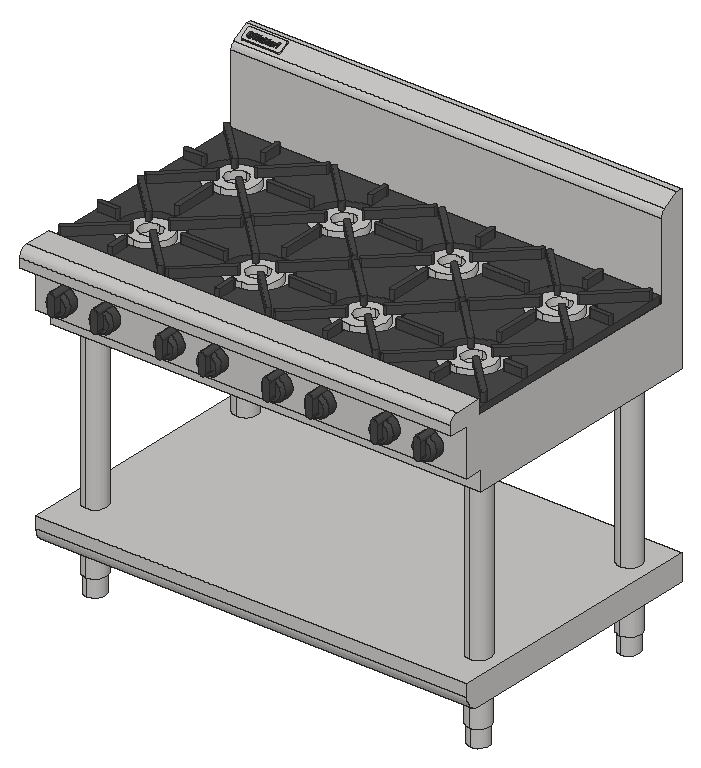
Revit family "QF_MOFFAT WALDORF_RN8800G-LS", category Specialty Equipment, Revit 2012
Parameters
  Weight in Pounds = 348.33
  URL Cutsheet = "www.moffat.com"
  URL = "www.moffat.com"
  Type Mark [instance] = ""
  Status [instance] = ""
  Specification by User [instance] = ""
  Specification by Manufacturer = ""
  Show Logo [instance] = yes
  Show Casters [instance] = no
  Serial Number = ""
  Seismic Rating = ""
  SMACNA No = ""
  Revision Code [instance] = ""
  Omniclass Number and Title = ""
  NAFEM Spec ID Number = ""
  Model = "RN8800G-LS"
  Mechanical Remarks [instance] = ""
  Mechanical Connection Type [instance] = ""
  Masterspec = ""
  Manufacturer = "MOFFAT WALDORF"
  Legs [instance] = not(Show Casters)  # yes
  Item Number [instance] = ""
  Installed By [instance] = ""
  Identify Quantity as Lot [instance] = yes
  Gas Size = 3/4"
  Gas RI Height [instance] = 0.0 mm
  Gas KW [instance] = 62.2
  Gas Input [instance] = 212311.0 Btu/h
  Gas Connection Height = 0.0 mm
  Furnished By [instance] = ""
  Foodservice Equipment Identifier [instance] = yes
  Description = "COOK TOP GAS ON LEG STAND"
  CSI MasterFormat = ""
  CSI Master Format = ""
  Body Height [instance] = 915.0 mm
  Base Height [instance] = 150.0 mm
Reference planes
  plane 1 "BACK": y = 0
  plane 2: z = 0
  plane 3 "LEFT": x = 0
  plane 4 "RIGHT": x = 1200
  plane 5 "FRONT": y = -805
  plane 6 "TOP": z = 1130
  plane 7 "Center Y": x = 600
  plane 8 "Center X": y = -402.5
  plane 9 "Base Height": z = 150
  plane 10: x = 1134
  plane 11: x = 65
  plane 12: z = 915
  plane 13: x = 65.8
Forms (mm)
  Extrusion 1, solid, material "QF_Finishes_Stainless Steel"
    sketch origin (0, 0, 600) x (0, 1, 0) y (0, 0, 1)
      loop
        line (-805, 291) -> (-805, 266) -> (-749, 266) -> (-749, 135) -> (-699, 135) -> (-699, 80) -> (0, 80) -> (0, 530) -> (-16.5, 530) -> (-58.709, 505.631)
        arc (-58.709, 505.631) -> (-66.975, 497.365) -> (-70, 486.074) r 22.582
        line (-70, 486.074) -> (-70, 275) -> (-705, 275) -> (-705, 315) -> (-781, 315)
        arc (-781, 315) -> (-797.971, 307.971) -> (-805, 291) r 24
      loop
        line (0, -377.5) -> (-749, -377.5) -> (-749, -412)
        arc (-749, -412) -> (-737.87, -438.87) -> (-711, -450) r 38
        line (-711, -450) -> (0, -450) -> (0, -377.5)
    from 0 to 1200
  Revolve 2, solid, material "QF_Finishes_Black"
    sketch origin (210, 0, 600) x (0, -1, 0) y (0, 0, 1)
      loop
        line (782, 229.605) -> (759, 229.605) -> (759, 202.105) -> (749, 202.105) -> (749, 197.105) -> (793, 197.105) -> (793, 223.757) -> (782, 229.605)
      axis (793, 197.105) -> (749, 197.105)
    angle from 0 to 360
  Extrusion 3, solid, material "QF_Finishes_Black"
    sketch origin (-78.431, 0, 496.003) x (1, 0, 0) y (0, 0, 1)
      loop
        line (298.431, 289) -> (298.431, 327.997)
        arc (298.431, 327.997) -> (288.431, 337.997) -> (278.431, 327.997) r 10
        line (278.431, 327.997) -> (278.431, 289)
        arc (278.431, 289) -> (288.431, 279) -> (298.431, 289) r 10
    from 759 to 808
  Extrusion 4, solid, material "QF_Finishes_Stainless Steel"
    sketch origin (705, 3, 100) x (1, 0, 0) y (0, 1, 0)
      loop
        circle (365, -35) r 13.5
    from 555 to 580
  Revolve 5, solid, material "QF_Finishes_Black"
    sketch origin (89.999, 0, 599.873) x (0, 1, 0) y (0, 0, -1)
      loop
        line (-782, -229.5) -> (-759, -229.5) -> (-759, -202) -> (-749, -202) -> (-749, -197) -> (-793, -197) -> (-793, -223.651) -> (-782, -229.5)
      axis (-793, -197) -> (-749, -197)
    angle from 0 to 360
  Extrusion 6, solid, material "QF_Finishes_Black"
    sketch origin (228.269, 0, 600.031) x (-1, 0, 0) y (0, 0, -1)
      loop
        arc (148.269, -184.969) -> (138.269, -174.969) -> (128.269, -184.969) r 10
        line (128.269, -184.969) -> (128.269, -223.969)
        arc (128.269, -223.969) -> (138.269, -233.969) -> (148.269, -223.969) r 10
        line (148.269, -223.969) -> (148.269, -184.969)
    from 759 to 808
  Extrusion 7, solid, material "QF_Finishes_Black"
    sketch origin (0, -70, 875) x (0, -1, 0) y (1, 0, 0)
      loop
        arc (1, 4) -> (1.879, 1.879) -> (4, 1) r 3
        line (4, 1) -> (631, 1)
        arc (631, 1) -> (633.121, 1.879) -> (634, 4) r 3
        line (634, 4) -> (634, 1196)
        arc (634, 1196) -> (633.121, 1198.121) -> (631, 1199) r 3
        line (631, 1199) -> (4, 1199)
        arc (4, 1199) -> (1.879, 1198.121) -> (1, 1196) r 3
        line (1, 1196) -> (1, 4)
      loop
        circle (167.5, 150) r 84.082
      loop
        circle (467.5, 150) r 84.082
      loop
        circle (467.5, 1050) r 84.082
      loop
        circle (167.5, 1050) r 84.082
      loop
        circle (167.5, 450) r 84.082
      loop
        circle (467.5, 450) r 84.082
      loop
        circle (167.5, 750) r 84.082
      loop
        circle (467.5, 750) r 84.082
    from 0 to 19.5
  Extrusion 8, solid, material "QF_Finishes_Black"
    sketch origin (0, -70, 894.5) x (0, -1, 0) y (1, 0, 0)
      loop
        spline (323.602, 15.153) -> (322.681, 13.924) -> (322.131, 12.47) -> (321.99, 10.89) -> (322.267, 9.292) -> (322.943, 7.786) -> (323.973, 6.473) -> (325.286, 5.443) -> (326.792, 4.767) -> (328.39, 4.49) -> (329.97, 4.631) -> (331.424, 5.181) -> (332.653, 6.102)
        line (332.653, 6.102) -> (440.576, 114.025)
        spline (440.576, 114.025) -> (441.337, 115.095) -> (441.738, 116.399) -> (441.751, 117.851) -> (441.375, 119.35) -> (440.637, 120.795) -> (439.586, 122.086) -> (438.295, 123.137) -> (436.85, 123.875) -> (435.351, 124.251) -> (433.899, 124.238) -> (432.595, 123.837) -> (431.525, 123.076)
        line (431.525, 123.076) -> (323.602, 15.153)
      loop
        spline (259.398, 156.4) -> (258.104, 156.182) -> (256.898, 155.543) -> (255.862, 154.525) -> (255.068, 153.2) -> (254.568, 151.656) -> (254.398, 150) -> (254.568, 148.344) -> (255.068, 146.8) -> (255.862, 145.475) -> (256.898, 144.457) -> (258.104, 143.818) -> (259.398, 143.6)
        line (259.398, 143.6) -> (375.602, 143.6)
        spline (375.602, 143.6) -> (376.896, 143.818) -> (378.102, 144.457) -> (379.138, 145.475) -> (379.932, 146.8) -> (380.432, 148.344) -> (380.602, 150) -> (380.432, 151.656) -> (379.932, 153.2) -> (379.138, 154.525) -> (378.102, 155.543) -> (376.896, 156.182) -> (375.602, 156.4)
        line (375.602, 156.4) -> (259.398, 156.4)
      loop
        spline (608.602, 143.6) -> (609.896, 143.818) -> (611.102, 144.457) -> (612.138, 145.475) -> (612.932, 146.8) -> (613.432, 148.344) -> (613.602, 150) -> (613.432, 151.656) -> (612.932, 153.2) -> (612.138, 154.525) -> (611.102, 155.543) -> (609.896, 156.182) -> (608.602, 156.4)
        line (608.602, 156.4) -> (559.398, 156.4)
        spline (559.398, 156.4) -> (558.104, 156.182) -> (556.898, 155.543) -> (555.862, 154.525) -> (555.068, 153.2) -> (554.568, 151.656) -> (554.398, 150) -> (554.568, 148.344) -> (555.068, 146.8) -> (555.862, 145.475) -> (556.898, 144.457) -> (558.104, 143.818) -> (559.398, 143.6)
        line (559.398, 143.6) -> (608.602, 143.6)
      loop
        line (611.398, 15.153) -> (503.475, 123.076)
        spline (503.475, 123.076) -> (502.405, 123.837) -> (501.101, 124.238) -> (499.649, 124.251) -> (498.15, 123.875) -> (496.705, 123.137) -> (495.414, 122.086) -> (494.363, 120.795) -> (493.625, 119.35) -> (493.249, 117.851) -> (493.262, 116.399) -> (493.663, 115.095) -> (494.424, 114.025)
        line (494.424, 114.025) -> (602.347, 6.102)
        spline (602.347, 6.102) -> (603.416, 5.341) -> (604.721, 4.941) -> (606.172, 4.928) -> (607.671, 5.303) -> (609.116, 6.041) -> (610.408, 7.092) -> (611.459, 8.384) -> (612.197, 9.829) -> (612.572, 11.328) -> (612.559, 12.779) -> (612.159, 14.084) -> (611.398, 15.153)
      loop
        line (473.9, 8.898) -> (473.9, 58.102)
        spline (473.9, 58.102) -> (473.682, 59.396) -> (473.043, 60.602) -> (472.025, 61.638) -> (470.7, 62.432) -> (469.156, 62.932) -> (467.5, 63.102) -> (465.844, 62.932) -> (464.3, 62.432) -> (462.975, 61.638) -> (461.957, 60.602) -> (461.318, 59.396) -> (461.1, 58.102)
        line (461.1, 58.102) -> (461.1, 8.898)
        spline (461.1, 8.898) -> (461.318, 7.604) -> (461.957, 6.398) -> (462.975, 5.362) -> (464.3, 4.568) -> (465.844, 4.068) -> (467.5, 3.898) -> (469.156, 4.068) -> (470.7, 4.568) -> (472.025, 5.362) -> (473.043, 6.398) -> (473.682, 7.604) -> (473.9, 8.898)
      loop
        spline (23.602, 15.153) -> (22.681, 13.924) -> (22.131, 12.47) -> (21.99, 10.89) -> (22.267, 9.292) -> (22.943, 7.786) -> (23.973, 6.473) -> (25.286, 5.443) -> (26.792, 4.767) -> (28.39, 4.49) -> (29.97, 4.631) -> (31.424, 5.181) -> (32.653, 6.102)
        line (32.653, 6.102) -> (140.576, 114.025)
        spline (140.576, 114.025) -> (141.337, 115.095) -> (141.738, 116.399) -> (141.751, 117.851) -> (141.375, 119.35) -> (140.637, 120.795) -> (139.586, 122.086) -> (138.295, 123.137) -> (136.85, 123.875) -> (135.351, 124.251) -> (133.899, 124.238) -> (132.595, 123.837) -> (131.525, 123.076)
        line (131.525, 123.076) -> (23.602, 15.153)
      loop
        spline (26.398, 156.4) -> (25.104, 156.182) -> (23.898, 155.543) -> (22.862, 154.525) -> (22.068, 153.2) -> (21.568, 151.656) -> (21.398, 150) -> (21.568, 148.344) -> (22.068, 146.8) -> (22.862, 145.475) -> (23.898, 144.457) -> (25.104, 143.818) -> (26.398, 143.6)
        line (26.398, 143.6) -> (75.602, 143.6)
        spline (75.602, 143.6) -> (76.896, 143.818) -> (78.102, 144.457) -> (79.138, 145.475) -> (79.932, 146.8) -> (80.432, 148.344) -> (80.602, 150) -> (80.432, 151.656) -> (79.932, 153.2) -> (79.138, 154.525) -> (78.102, 155.543) -> (76.896, 156.182) -> (75.602, 156.4)
        line (75.602, 156.4) -> (26.398, 156.4)
      loop
        line (311.398, 15.153) -> (203.475, 123.076)
        spline (203.475, 123.076) -> (202.405, 123.837) -> (201.101, 124.238) -> (199.649, 124.251) -> (198.15, 123.875) -> (196.705, 123.137) -> (195.414, 122.086) -> (194.363, 120.795) -> (193.625, 119.35) -> (193.249, 117.851) -> (193.262, 116.399) -> (193.663, 115.095) -> (194.424, 114.025)
        line (194.424, 114.025) -> (302.347, 6.102)
        spline (302.347, 6.102) -> (303.416, 5.341) -> (304.721, 4.941) -> (306.172, 4.928) -> (307.671, 5.303) -> (309.116, 6.041) -> (310.408, 7.092) -> (311.459, 8.384) -> (312.197, 9.829) -> (312.572, 11.328) -> (312.559, 12.779) -> (312.159, 14.084) -> (311.398, 15.153)
      loop
        line (173.9, 8.898) -> (173.9, 58.102)
        spline (173.9, 58.102) -> (173.682, 59.396) -> (173.043, 60.602) -> (172.025, 61.638) -> (170.7, 62.432) -> (169.156, 62.932) -> (167.5, 63.102) -> (165.844, 62.932) -> (164.3, 62.432) -> (162.975, 61.638) -> (161.957, 60.602) -> (161.318, 59.396) -> (161.1, 58.102)
        line (161.1, 58.102) -> (161.1, 8.898)
        spline (161.1, 8.898) -> (161.318, 7.604) -> (161.957, 6.398) -> (162.975, 5.362) -> (164.3, 4.568) -> (165.844, 4.068) -> (167.5, 3.898) -> (169.156, 4.068) -> (170.7, 4.568) -> (172.025, 5.362) -> (173.043, 6.398) -> (173.682, 7.604) -> (173.9, 8.898)
      loop
        line (323.602, 284.847) -> (431.525, 176.924)
        spline (431.525, 176.924) -> (432.595, 176.163) -> (433.899, 175.762) -> (435.351, 175.749) -> (436.85, 176.125) -> (438.295, 176.863) -> (439.586, 177.914) -> (440.637, 179.205) -> (441.375, 180.65) -> (441.751, 182.149) -> (441.738, 183.601) -> (441.337, 184.905) -> (440.576, 185.975)
        line (440.576, 185.975) -> (332.653, 293.898)
        spline (332.653, 293.898) -> (331.424, 294.819) -> (329.97, 295.369) -> (328.39, 295.51) -> (326.792, 295.233) -> (325.286, 294.557) -> (323.973, 293.527) -> (322.943, 292.214) -> (322.267, 290.708) -> (321.99, 289.11) -> (322.131, 287.53) -> (322.681, 286.076) -> (323.602, 284.847)
      loop
        spline (611.398, 284.847) -> (612.159, 285.916) -> (612.559, 287.221) -> (612.572, 288.672) -> (612.197, 290.171) -> (611.459, 291.616) -> (610.408, 292.908) -> (609.116, 293.959) -> (607.671, 294.697) -> (606.172, 295.072) -> (604.721, 295.059) -> (603.416, 294.659) -> (602.347, 293.898)
        line (602.347, 293.898) -> (494.424, 185.975)
        spline (494.424, 185.975) -> (493.663, 184.905) -> (493.262, 183.601) -> (493.249, 182.149) -> (493.625, 180.65) -> (494.363, 179.205) -> (495.414, 177.914) -> (496.705, 176.863) -> (498.15, 176.125) -> (499.649, 175.749) -> (501.101, 175.762) -> (502.405, 176.163) -> (503.475, 176.924)
        line (503.475, 176.924) -> (611.398, 284.847)
      loop
        spline (461.1, 241.898) -> (461.318, 240.604) -> (461.957, 239.398) -> (462.975, 238.362) -> (464.3, 237.568) -> (465.844, 237.068) -> (467.5, 236.898) -> (469.156, 237.068) -> (470.7, 237.568) -> (472.025, 238.362) -> (473.043, 239.398) -> (473.682, 240.604) -> (473.9, 241.898)
        line (473.9, 241.898) -> (473.9, 358.102)
        spline (473.9, 358.102) -> (473.682, 359.396) -> (473.043, 360.602) -> (472.025, 361.638) -> (470.7, 362.432) -> (469.156, 362.932) -> (467.5, 363.102) -> (465.844, 362.932) -> (464.3, 362.432) -> (462.975, 361.638) -> (461.957, 360.602) -> (461.318, 359.396) -> (461.1, 358.102)
        line (461.1, 358.102) -> (461.1, 241.898)
      loop
        line (23.602, 284.847) -> (131.525, 176.924)
        spline (131.525, 176.924) -> (132.595, 176.163) -> (133.899, 175.762) -> (135.351, 175.749) -> (136.85, 176.125) -> (138.295, 176.863) -> (139.586, 177.914) -> (140.637, 179.205) -> (141.375, 180.65) -> (141.751, 182.149) -> (141.738, 183.601) -> (141.337, 184.905) -> (140.576, 185.975)
        line (140.576, 185.975) -> (32.653, 293.898)
        spline (32.653, 293.898) -> (31.424, 294.819) -> (29.97, 295.369) -> (28.39, 295.51) -> (26.792, 295.233) -> (25.286, 294.557) -> (23.973, 293.527) -> (22.943, 292.214) -> (22.267, 290.708) -> (21.99, 289.11) -> (22.131, 287.53) -> (22.681, 286.076) -> (23.602, 284.847)
      loop
        spline (311.398, 284.847) -> (312.159, 285.916) -> (312.559, 287.221) -> (312.572, 288.672) -> (312.197, 290.171) -> (311.459, 291.616) -> (310.408, 292.908) -> (309.116, 293.959) -> (307.671, 294.697) -> (306.172, 295.072) -> (304.721, 295.059) -> (303.416, 294.659) -> (302.347, 293.898)
        line (302.347, 293.898) -> (194.424, 185.975)
        spline (194.424, 185.975) -> (193.663, 184.905) -> (193.262, 183.601) -> (193.249, 182.149) -> (193.625, 180.65) -> (194.363, 179.205) -> (195.414, 177.914) -> (196.705, 176.863) -> (198.15, 176.125) -> (199.649, 175.749) -> (201.101, 175.762) -> (202.405, 176.163) -> (203.475, 176.924)
        line (203.475, 176.924) -> (311.398, 284.847)
      loop
        spline (173.9, 358.102) -> (173.682, 359.396) -> (173.043, 360.602) -> (172.025, 361.638) -> (170.7, 362.432) -> (169.156, 362.932) -> (167.5, 363.102) -> (165.844, 362.932) -> (164.3, 362.432) -> (162.975, 361.638) -> (161.957, 360.602) -> (161.318, 359.396) -> (161.1, 358.102)
        line (161.1, 358.102) -> (161.1, 241.898)
        spline (161.1, 241.898) -> (161.318, 240.604) -> (161.957, 239.398) -> (162.975, 238.362) -> (164.3, 237.568) -> (165.844, 237.068) -> (167.5, 236.898) -> (169.156, 237.068) -> (170.7, 237.568) -> (172.025, 238.362) -> (173.043, 239.398) -> (173.682, 240.604) -> (173.9, 241.898)
        line (173.9, 241.898) -> (173.9, 358.102)
      loop
        spline (323.602, 315.153) -> (322.681, 313.924) -> (322.131, 312.47) -> (321.99, 310.89) -> (322.267, 309.292) -> (322.943, 307.786) -> (323.973, 306.473) -> (325.286, 305.443) -> (326.792, 304.767) -> (328.39, 304.49) -> (329.97, 304.631) -> (331.424, 305.181) -> (332.653, 306.102)
        line (332.653, 306.102) -> (440.576, 414.025)
        spline (440.576, 414.025) -> (441.337, 415.095) -> (441.738, 416.399) -> (441.751, 417.851) -> (441.375, 419.35) -> (440.637, 420.795) -> (439.586, 422.086) -> (438.295, 423.137) -> (436.85, 423.875) -> (435.351, 424.251) -> (433.899, 424.238) -> (432.595, 423.837) -> (431.525, 423.076)
        line (431.525, 423.076) -> (323.602, 315.153)
      loop
        spline (259.398, 456.4) -> (258.104, 456.182) -> (256.898, 455.543) -> (255.862, 454.525) -> (255.068, 453.2) -> (254.568, 451.656) -> (254.398, 450) -> (254.568, 448.344) -> (255.068, 446.8) -> (255.862, 445.475) -> (256.898, 444.457) -> (258.104, 443.818) -> (259.398, 443.6)
        line (259.398, 443.6) -> (375.602, 443.6)
        spline (375.602, 443.6) -> (376.896, 443.818) -> (378.102, 444.457) -> (379.138, 445.475) -> (379.932, 446.8) -> (380.432, 448.344) -> (380.602, 450) -> (380.432, 451.656) -> (379.932, 453.2) -> (379.138, 454.525) -> (378.102, 455.543) -> (376.896, 456.182) -> (375.602, 456.4)
        line (375.602, 456.4) -> (259.398, 456.4)
      loop
        spline (608.602, 443.6) -> (609.896, 443.818) -> (611.102, 444.457) -> (612.138, 445.475) -> (612.932, 446.8) -> (613.432, 448.344) -> (613.602, 450) -> (613.432, 451.656) -> (612.932, 453.2) -> (612.138, 454.525) -> (611.102, 455.543) -> (609.896, 456.182) -> (608.602, 456.4)
        line (608.602, 456.4) -> (559.398, 456.4)
        spline (559.398, 456.4) -> (558.104, 456.182) -> (556.898, 455.543) -> (555.862, 454.525) -> (555.068, 453.2) -> (554.568, 451.656) -> (554.398, 450) -> (554.568, 448.344) -> (555.068, 446.8) -> (555.862, 445.475) -> (556.898, 444.457) -> (558.104, 443.818) -> (559.398, 443.6)
        line (559.398, 443.6) -> (608.602, 443.6)
      loop
        line (611.398, 315.153) -> (503.475, 423.076)
        spline (503.475, 423.076) -> (502.405, 423.837) -> (501.101, 424.238) -> (499.649, 424.251) -> (498.15, 423.875) -> (496.705, 423.137) -> (495.414, 422.086) -> (494.363, 420.795) -> (493.625, 419.35) -> (493.249, 417.851) -> (493.262, 416.399) -> (493.663, 415.095) -> (494.424, 414.025)
        line (494.424, 414.025) -> (602.347, 306.102)
        spline (602.347, 306.102) -> (603.416, 305.341) -> (604.721, 304.941) -> (606.172, 304.928) -> (607.671, 305.303) -> (609.116, 306.041) -> (610.408, 307.092) -> (611.459, 308.384) -> (612.197, 309.829) -> (612.572, 311.328) -> (612.559, 312.779) -> (612.159, 314.084) -> (611.398, 315.153)
      loop
        spline (23.602, 315.153) -> (22.681, 313.924) -> (22.131, 312.47) -> (21.99, 310.89) -> (22.267, 309.292) -> (22.943, 307.786) -> (23.973, 306.473) -> (25.286, 305.443) -> (26.792, 304.767) -> (28.39, 304.49) -> (29.97, 304.631) -> (31.424, 305.181) -> (32.653, 306.102)
        line (32.653, 306.102) -> (140.576, 414.025)
        spline (140.576, 414.025) -> (141.337, 415.095) -> (141.738, 416.399) -> (141.751, 417.851) -> (141.375, 419.35) -> (140.637, 420.795) -> (139.586, 422.086) -> (138.295, 423.137) -> (136.85, 423.875) -> (135.351, 424.251) -> (133.899, 424.238) -> (132.595, 423.837) -> (131.525, 423.076)
        line (131.525, 423.076) -> (23.602, 315.153)
      loop
        spline (26.398, 456.4) -> (25.104, 456.182) -> (23.898, 455.543) -> (22.862, 454.525) -> (22.068, 453.2) -> (21.568, 451.656) -> (21.398, 450) -> (21.568, 448.344) -> (22.068, 446.8) -> (22.862, 445.475) -> (23.898, 444.457) -> (25.104, 443.818) -> (26.398, 443.6)
        line (26.398, 443.6) -> (75.602, 443.6)
        spline (75.602, 443.6) -> (76.896, 443.818) -> (78.102, 444.457) -> (79.138, 445.475) -> (79.932, 446.8) -> (80.432, 448.344) -> (80.602, 450) -> (80.432, 451.656) -> (79.932, 453.2) -> (79.138, 454.525) -> (78.102, 455.543) -> (76.896, 456.182) -> (75.602, 456.4)
        line (75.602, 456.4) -> (26.398, 456.4)
      loop
        line (311.398, 315.153) -> (203.475, 423.076)
        spline (203.475, 423.076) -> (202.405, 423.837) -> (201.101, 424.238) -> (199.649, 424.251) -> (198.15, 423.875) -> (196.705, 423.137) -> (195.414, 422.086) -> (194.363, 420.795) -> (193.625, 419.35) -> (193.249, 417.851) -> (193.262, 416.399) -> (193.663, 415.095) -> (194.424, 414.025)
        line (194.424, 414.025) -> (302.347, 306.102)
        spline (302.347, 306.102) -> (303.416, 305.341) -> (304.721, 304.941) -> (306.172, 304.928) -> (307.671, 305.303) -> (309.116, 306.041) -> (310.408, 307.092) -> (311.459, 308.384) -> (312.197, 309.829) -> (312.572, 311.328) -> (312.559, 312.779) -> (312.159, 314.084) -> (311.398, 315.153)
      loop
        line (323.602, 584.847) -> (431.525, 476.924)
        spline (431.525, 476.924) -> (432.595, 476.163) -> (433.899, 475.762) -> (435.351, 475.749) -> (436.85, 476.125) -> (438.295, 476.863) -> (439.586, 477.914) -> (440.637, 479.205) -> (441.375, 480.65) -> (441.751, 482.149) -> (441.738, 483.601) -> (441.337, 484.905) -> (440.576, 485.975)
        line (440.576, 485.975) -> (332.653, 593.898)
        spline (332.653, 593.898) -> (331.424, 594.819) -> (329.97, 595.369) -> (328.39, 595.51) -> (326.792, 595.233) -> (325.286, 594.557) -> (323.973, 593.527) -> (322.943, 592.214) -> (322.267, 590.708) -> (321.99, 589.11) -> (322.131, 587.53) -> (322.681, 586.076) -> (323.602, 584.847)
      loop
        spline (611.398, 584.847) -> (612.159, 585.916) -> (612.559, 587.221) -> (612.572, 588.672) -> (612.197, 590.171) -> (611.459, 591.616) -> (610.408, 592.908) -> (609.116, 593.959) -> (607.671, 594.697) -> (606.172, 595.072) -> (604.721, 595.059) -> (603.416, 594.659) -> (602.347, 593.898)
        line (602.347, 593.898) -> (494.424, 485.975)
        spline (494.424, 485.975) -> (493.663, 484.905) -> (493.262, 483.601) -> (493.249, 482.149) -> (493.625, 480.65) -> (494.363, 479.205) -> (495.414, 477.914) -> (496.705, 476.863) -> (498.15, 476.125) -> (499.649, 475.749) -> (501.101, 475.762) -> (502.405, 476.163) -> (503.475, 476.924)
        line (503.475, 476.924) -> (611.398, 584.847)
      loop
        spline (473.9, 658.102) -> (473.682, 659.396) -> (473.043, 660.602) -> (472.025, 661.638) -> (470.7, 662.432) -> (469.156, 662.932) -> (467.5, 663.102) -> (465.844, 662.932) -> (464.3, 662.432) -> (462.975, 661.638) -> (461.957, 660.602) -> (461.318, 659.396) -> (461.1, 658.102)
        line (461.1, 658.102) -> (461.1, 541.898)
        spline (461.1, 541.898) -> (461.318, 540.604) -> (461.957, 539.398) -> (462.975, 538.362) -> (464.3, 537.568) -> (465.844, 537.068) -> (467.5, 536.898) -> (469.156, 537.068) -> (470.7, 537.568) -> (472.025, 538.362) -> (473.043, 539.398) -> (473.682, 540.604) -> (473.9, 541.898)
        line (473.9, 541.898) -> (473.9, 658.102)
      loop
        line (23.602, 584.847) -> (131.525, 476.924)
        spline (131.525, 476.924) -> (132.595, 476.163) -> (133.899, 475.762) -> (135.351, 475.749) -> (136.85, 476.125) -> (138.295, 476.863) -> (139.586, 477.914) -> (140.637, 479.205) -> (141.375, 480.65) -> (141.751, 482.149) -> (141.738, 483.601) -> (141.337, 484.905) -> (140.576, 485.975)
        line (140.576, 485.975) -> (32.653, 593.898)
        spline (32.653, 593.898) -> (31.424, 594.819) -> (29.97, 595.369) -> (28.39, 595.51) -> (26.792, 595.233) -> (25.286, 594.557) -> (23.973, 593.527) -> (22.943, 592.214) -> (22.267, 590.708) -> (21.99, 589.11) -> (22.131, 587.53) -> (22.681, 586.076) -> (23.602, 584.847)
      loop
        spline (311.398, 584.847) -> (312.159, 585.916) -> (312.559, 587.221) -> (312.572, 588.672) -> (312.197, 590.171) -> (311.459, 591.616) -> (310.408, 592.908) -> (309.116, 593.959) -> (307.671, 594.697) -> (306.172, 595.072) -> (304.721, 595.059) -> (303.416, 594.659) -> (302.347, 593.898)
        line (302.347, 593.898) -> (194.424, 485.975)
        spline (194.424, 485.975) -> (193.663, 484.905) -> (193.262, 483.601) -> (193.249, 482.149) -> (193.625, 480.65) -> (194.363, 479.205) -> (195.414, 477.914) -> (196.705, 476.863) -> (198.15, 476.125) -> (199.649, 475.749) -> (201.101, 475.762) -> (202.405, 476.163) -> (203.475, 476.924)
        line (203.475, 476.924) -> (311.398, 584.847)
      loop
        spline (173.9, 658.102) -> (173.682, 659.396) -> (173.043, 660.602) -> (172.025, 661.638) -> (170.7, 662.432) -> (169.156, 662.932) -> (167.5, 663.102) -> (165.844, 662.932) -> (164.3, 662.432) -> (162.975, 661.638) -> (161.957, 660.602) -> (161.318, 659.396) -> (161.1, 658.102)
        line (161.1, 658.102) -> (161.1, 541.898)
        spline (161.1, 541.898) -> (161.318, 540.604) -> (161.957, 539.398) -> (162.975, 538.362) -> (164.3, 537.568) -> (165.844, 537.068) -> (167.5, 536.898) -> (169.156, 537.068) -> (170.7, 537.568) -> (172.025, 538.362) -> (173.043, 539.398) -> (173.682, 540.604) -> (173.9, 541.898)
        line (173.9, 541.898) -> (173.9, 658.102)
      loop
        line (323.602, 1184.847) -> (431.525, 1076.924)
        spline (431.525, 1076.924) -> (432.595, 1076.163) -> (433.899, 1075.762) -> (435.351, 1075.749) -> (436.85, 1076.125) -> (438.295, 1076.863) -> (439.586, 1077.914) -> (440.637, 1079.205) -> (441.375, 1080.65) -> (441.751, 1082.149) -> (441.738, 1083.601) -> (441.337, 1084.905) -> (440.576, 1085.975)
        line (440.576, 1085.975) -> (332.653, 1193.898)
        spline (332.653, 1193.898) -> (331.424, 1194.819) -> (329.97, 1195.369) -> (328.39, 1195.51) -> (326.792, 1195.233) -> (325.286, 1194.557) -> (323.973, 1193.527) -> (322.943, 1192.214) -> (322.267, 1190.708) -> (321.99, 1189.11) -> (322.131, 1187.53) -> (322.681, 1186.076) -> (323.602, 1184.847)
      loop
        line (259.398, 1043.6) -> (375.602, 1043.6)
        spline (375.602, 1043.6) -> (376.896, 1043.818) -> (378.102, 1044.457) -> (379.138, 1045.475) -> (379.932, 1046.8) -> (380.432, 1048.344) -> (380.602, 1050) -> (380.432, 1051.656) -> (379.932, 1053.2) -> (379.138, 1054.525) -> (378.102, 1055.543) -> (376.896, 1056.182) -> (375.602, 1056.4)
        line (375.602, 1056.4) -> (259.398, 1056.4)
        spline (259.398, 1056.4) -> (258.104, 1056.182) -> (256.898, 1055.543) -> (255.862, 1054.525) -> (255.068, 1053.2) -> (254.568, 1051.656) -> (254.398, 1050) -> (254.568, 1048.344) -> (255.068, 1046.8) -> (255.862, 1045.475) -> (256.898, 1044.457) -> (258.104, 1043.818) -> (259.398, 1043.6)
      loop
        line (608.602, 1056.4) -> (559.398, 1056.4)
        spline (559.398, 1056.4) -> (558.104, 1056.182) -> (556.898, 1055.543) -> (555.862, 1054.525) -> (555.068, 1053.2) -> (554.568, 1051.656) -> (554.398, 1050) -> (554.568, 1048.344) -> (555.068, 1046.8) -> (555.862, 1045.475) -> (556.898, 1044.457) -> (558.104, 1043.818) -> (559.398, 1043.6)
        line (559.398, 1043.6) -> (608.602, 1043.6)
        spline (608.602, 1043.6) -> (609.896, 1043.818) -> (611.102, 1044.457) -> (612.138, 1045.475) -> (612.932, 1046.8) -> (613.432, 1048.344) -> (613.602, 1050) -> (613.432, 1051.656) -> (612.932, 1053.2) -> (612.138, 1054.525) -> (611.102, 1055.543) -> (609.896, 1056.182) -> (608.602, 1056.4)
      loop
        spline (611.398, 1184.847) -> (612.159, 1185.916) -> (612.559, 1187.221) -> (612.572, 1188.672) -> (612.197, 1190.171) -> (611.459, 1191.616) -> (610.408, 1192.908) -> (609.116, 1193.959) -> (607.671, 1194.697) -> (606.172, 1195.072) -> (604.721, 1195.059) -> (603.416, 1194.659) -> (602.347, 1193.898)
        line (602.347, 1193.898) -> (494.424, 1085.975)
        spline (494.424, 1085.975) -> (493.663, 1084.905) -> (493.262, 1083.601) -> (493.249, 1082.149) -> (493.625, 1080.65) -> (494.363, 1079.205) -> (495.414, 1077.914) -> (496.705, 1076.863) -> (498.15, 1076.125) -> (499.649, 1075.749) -> (501.101, 1075.762) -> (502.405, 1076.163) -> (503.475, 1076.924)
        line (503.475, 1076.924) -> (611.398, 1184.847)
      loop
        spline (473.9, 1191.102) -> (473.682, 1192.396) -> (473.043, 1193.602) -> (472.025, 1194.638) -> (470.7, 1195.432) -> (469.156, 1195.932) -> (467.5, 1196.102) -> (465.844, 1195.932) -> (464.3, 1195.432) -> (462.975, 1194.638) -> (461.957, 1193.602) -> (461.318, 1192.396) -> (461.1, 1191.102)
        line (461.1, 1191.102) -> (461.1, 1141.898)
        spline (461.1, 1141.898) -> (461.318, 1140.604) -> (461.957, 1139.398) -> (462.975, 1138.362) -> (464.3, 1137.568) -> (465.844, 1137.068) -> (467.5, 1136.898) -> (469.156, 1137.068) -> (470.7, 1137.568) -> (472.025, 1138.362) -> (473.043, 1139.398) -> (473.682, 1140.604) -> (473.9, 1141.898)
        line (473.9, 1141.898) -> (473.9, 1191.102)
      loop
        line (23.602, 1184.847) -> (131.525, 1076.924)
        spline (131.525, 1076.924) -> (132.595, 1076.163) -> (133.899, 1075.762) -> (135.351, 1075.749) -> (136.85, 1076.125) -> (138.295, 1076.863) -> (139.586, 1077.914) -> (140.637, 1079.205) -> (141.375, 1080.65) -> (141.751, 1082.149) -> (141.738, 1083.601) -> (141.337, 1084.905) -> (140.576, 1085.975)
        line (140.576, 1085.975) -> (32.653, 1193.898)
        spline (32.653, 1193.898) -> (31.424, 1194.819) -> (29.97, 1195.369) -> (28.39, 1195.51) -> (26.792, 1195.233) -> (25.286, 1194.557) -> (23.973, 1193.527) -> (22.943, 1192.214) -> (22.267, 1190.708) -> (21.99, 1189.11) -> (22.131, 1187.53) -> (22.681, 1186.076) -> (23.602, 1184.847)
      loop
        line (26.398, 1043.6) -> (75.602, 1043.6)
        spline (75.602, 1043.6) -> (76.896, 1043.818) -> (78.102, 1044.457) -> (79.138, 1045.475) -> (79.932, 1046.8) -> (80.432, 1048.344) -> (80.602, 1050) -> (80.432, 1051.656) -> (79.932, 1053.2) -> (79.138, 1054.525) -> (78.102, 1055.543) -> (76.896, 1056.182) -> (75.602, 1056.4)
        line (75.602, 1056.4) -> (26.398, 1056.4)
        spline (26.398, 1056.4) -> (25.104, 1056.182) -> (23.898, 1055.543) -> (22.862, 1054.525) -> (22.068, 1053.2) -> (21.568, 1051.656) -> (21.398, 1050) -> (21.568, 1048.344) -> (22.068, 1046.8) -> (22.862, 1045.475) -> (23.898, 1044.457) -> (25.104, 1043.818) -> (26.398, 1043.6)
      loop
        spline (311.398, 1184.847) -> (312.159, 1185.916) -> (312.559, 1187.221) -> (312.572, 1188.672) -> (312.197, 1190.171) -> (311.459, 1191.616) -> (310.408, 1192.908) -> (309.116, 1193.959) -> (307.671, 1194.697) -> (306.172, 1195.072) -> (304.721, 1195.059) -> (303.416, 1194.659) -> (302.347, 1193.898)
        line (302.347, 1193.898) -> (194.424, 1085.975)
        spline (194.424, 1085.975) -> (193.663, 1084.905) -> (193.262, 1083.601) -> (193.249, 1082.149) -> (193.625, 1080.65) -> (194.363, 1079.205) -> (195.414, 1077.914) -> (196.705, 1076.863) -> (198.15, 1076.125) -> (199.649, 1075.749) -> (201.101, 1075.762) -> (202.405, 1076.163) -> (203.475, 1076.924)
        line (203.475, 1076.924) -> (311.398, 1184.847)
      loop
        spline (173.9, 1191.102) -> (173.682, 1192.396) -> (173.043, 1193.602) -> (172.025, 1194.638) -> (170.7, 1195.432) -> (169.156, 1195.932) -> (167.5, 1196.102) -> (165.844, 1195.932) -> (164.3, 1195.432) -> (162.975, 1194.638) -> (161.957, 1193.602) -> (161.318, 1192.396) -> (161.1, 1191.102)
        line (161.1, 1191.102) -> (161.1, 1141.898)
        spline (161.1, 1141.898) -> (161.318, 1140.604) -> (161.957, 1139.398) -> (162.975, 1138.362) -> (164.3, 1137.568) -> (165.844, 1137.068) -> (167.5, 1136.898) -> (169.156, 1137.068) -> (170.7, 1137.568) -> (172.025, 1138.362) -> (173.043, 1139.398) -> (173.682, 1140.604) -> (173.9, 1141.898)
        line (173.9, 1141.898) -> (173.9, 1191.102)
      loop
        spline (323.602, 915.153) -> (322.681, 913.924) -> (322.131, 912.47) -> (321.99, 910.89) -> (322.267, 909.292) -> (322.943, 907.786) -> (323.973, 906.473) -> (325.286, 905.443) -> (326.792, 904.767) -> (328.39, 904.49) -> (329.97, 904.631) -> (331.424, 905.181) -> (332.653, 906.102)
        line (332.653, 906.102) -> (440.576, 1014.025)
        spline (440.576, 1014.025) -> (441.337, 1015.095) -> (441.738, 1016.399) -> (441.751, 1017.851) -> (441.375, 1019.35) -> (440.637, 1020.795) -> (439.586, 1022.086) -> (438.295, 1023.137) -> (436.85, 1023.875) -> (435.351, 1024.251) -> (433.899, 1024.238) -> (432.595, 1023.837) -> (431.525, 1023.076)
        line (431.525, 1023.076) -> (323.602, 915.153)
      loop
        line (611.398, 915.153) -> (503.475, 1023.076)
        spline (503.475, 1023.076) -> (502.405, 1023.837) -> (501.101, 1024.238) -> (499.649, 1024.251) -> (498.15, 1023.875) -> (496.705, 1023.137) -> (495.414, 1022.086) -> (494.363, 1020.795) -> (493.625, 1019.35) -> (493.249, 1017.851) -> (493.262, 1016.399) -> (493.663, 1015.095) -> (494.424, 1014.025)
        line (494.424, 1014.025) -> (602.347, 906.102)
        spline (602.347, 906.102) -> (603.416, 905.341) -> (604.721, 904.941) -> (606.172, 904.928) -> (607.671, 905.303) -> (609.116, 906.041) -> (610.408, 907.092) -> (611.459, 908.384) -> (612.197, 909.829) -> (612.572, 911.328) -> (612.559, 912.779) -> (612.159, 914.084) -> (611.398, 915.153)
      loop
        line (461.1, 958.102) -> (461.1, 841.898)
        spline (461.1, 841.898) -> (461.318, 840.604) -> (461.957, 839.398) -> (462.975, 838.362) -> (464.3, 837.568) -> (465.844, 837.068) -> (467.5, 836.898) -> (469.156, 837.068) -> (470.7, 837.568) -> (472.025, 838.362) -> (473.043, 839.398) -> (473.682, 840.604) -> (473.9, 841.898)
        line (473.9, 841.898) -> (473.9, 958.102)
        spline (473.9, 958.102) -> (473.682, 959.396) -> (473.043, 960.602) -> (472.025, 961.638) -> (470.7, 962.432) -> (469.156, 962.932) -> (467.5, 963.102) -> (465.844, 962.932) -> (464.3, 962.432) -> (462.975, 961.638) -> (461.957, 960.602) -> (461.318, 959.396) -> (461.1, 958.102)
      loop
        spline (23.602, 915.153) -> (22.681, 913.924) -> (22.131, 912.47) -> (21.99, 910.89) -> (22.267, 909.292) -> (22.943, 907.786) -> (23.973, 906.473) -> (25.286, 905.443) -> (26.792, 904.767) -> (28.39, 904.49) -> (29.97, 904.631) -> (31.424, 905.181) -> (32.653, 906.102)
        line (32.653, 906.102) -> (140.576, 1014.025)
        spline (140.576, 1014.025) -> (141.337, 1015.095) -> (141.738, 1016.399) -> (141.751, 1017.851) -> (141.375, 1019.35) -> (140.637, 1020.795) -> (139.586, 1022.086) -> (138.295, 1023.137) -> (136.85, 1023.875) -> (135.351, 1024.251) -> (133.899, 1024.238) -> (132.595, 1023.837) -> (131.525, 1023.076)
        line (131.525, 1023.076) -> (23.602, 915.153)
      loop
        line (311.398, 915.153) -> (203.475, 1023.076)
        spline (203.475, 1023.076) -> (202.405, 1023.837) -> (201.101, 1024.238) -> (199.649, 1024.251) -> (198.15, 1023.875) -> (196.705, 1023.137) -> (195.414, 1022.086) -> (194.363, 1020.795) -> (193.625, 1019.35) -> (193.249, 1017.851) -> (193.262, 1016.399) -> (193.663, 1015.095) -> (194.424, 1014.025)
        line (194.424, 1014.025) -> (302.347, 906.102)
        spline (302.347, 906.102) -> (303.416, 905.341) -> (304.721, 904.941) -> (306.172, 904.928) -> (307.671, 905.303) -> (309.116, 906.041) -> (310.408, 907.092) -> (311.459, 908.384) -> (312.197, 909.829) -> (312.572, 911.328) -> (312.559, 912.779) -> (312.159, 914.084) -> (311.398, 915.153)
      loop
        line (173.9, 841.898) -> (173.9, 958.102)
        spline (173.9, 958.102) -> (173.682, 959.396) -> (173.043, 960.602) -> (172.025, 961.638) -> (170.7, 962.432) -> (169.156, 962.932) -> (167.5, 963.102) -> (165.844, 962.932) -> (164.3, 962.432) -> (162.975, 961.638) -> (161.957, 960.602) -> (161.318, 959.396) -> (161.1, 958.102)
        line (161.1, 958.102) -> (161.1, 841.898)
        spline (161.1, 841.898) -> (161.318, 840.604) -> (161.957, 839.398) -> (162.975, 838.362) -> (164.3, 837.568) -> (165.844, 837.068) -> (167.5, 836.898) -> (169.156, 837.068) -> (170.7, 837.568) -> (172.025, 838.362) -> (173.043, 839.398) -> (173.682, 840.604) -> (173.9, 841.898)
      loop
        line (323.602, 884.847) -> (431.525, 776.924)
        spline (431.525, 776.924) -> (432.595, 776.163) -> (433.899, 775.762) -> (435.351, 775.749) -> (436.85, 776.125) -> (438.295, 776.863) -> (439.586, 777.914) -> (440.637, 779.205) -> (441.375, 780.65) -> (441.751, 782.149) -> (441.738, 783.601) -> (441.337, 784.905) -> (440.576, 785.975)
        line (440.576, 785.975) -> (332.653, 893.898)
        spline (332.653, 893.898) -> (331.424, 894.819) -> (329.97, 895.369) -> (328.39, 895.51) -> (326.792, 895.233) -> (325.286, 894.557) -> (323.973, 893.527) -> (322.943, 892.214) -> (322.267, 890.708) -> (321.99, 889.11) -> (322.131, 887.53) -> (322.681, 886.076) -> (323.602, 884.847)
      loop
        line (259.398, 743.6) -> (375.602, 743.6)
        spline (375.602, 743.6) -> (376.896, 743.818) -> (378.102, 744.457) -> (379.138, 745.475) -> (379.932, 746.8) -> (380.432, 748.344) -> (380.602, 750) -> (380.432, 751.656) -> (379.932, 753.2) -> (379.138, 754.525) -> (378.102, 755.543) -> (376.896, 756.182) -> (375.602, 756.4)
        line (375.602, 756.4) -> (259.398, 756.4)
        spline (259.398, 756.4) -> (258.104, 756.182) -> (256.898, 755.543) -> (255.862, 754.525) -> (255.068, 753.2) -> (254.568, 751.656) -> (254.398, 750) -> (254.568, 748.344) -> (255.068, 746.8) -> (255.862, 745.475) -> (256.898, 744.457) -> (258.104, 743.818) -> (259.398, 743.6)
      loop
        line (608.602, 756.4) -> (559.398, 756.4)
        spline (559.398, 756.4) -> (558.104, 756.182) -> (556.898, 755.543) -> (555.862, 754.525) -> (555.068, 753.2) -> (554.568, 751.656) -> (554.398, 750) -> (554.568, 748.344) -> (555.068, 746.8) -> (555.862, 745.475) -> (556.898, 744.457) -> (558.104, 743.818) -> (559.398, 743.6)
        line (559.398, 743.6) -> (608.602, 743.6)
        spline (608.602, 743.6) -> (609.896, 743.818) -> (611.102, 744.457) -> (612.138, 745.475) -> (612.932, 746.8) -> (613.432, 748.344) -> (613.602, 750) -> (613.432, 751.656) -> (612.932, 753.2) -> (612.138, 754.525) -> (611.102, 755.543) -> (609.896, 756.182) -> (608.602, 756.4)
      loop
        spline (611.398, 884.847) -> (612.159, 885.916) -> (612.559, 887.221) -> (612.572, 888.672) -> (612.197, 890.171) -> (611.459, 891.616) -> (610.408, 892.908) -> (609.116, 893.959) -> (607.671, 894.697) -> (606.172, 895.072) -> (604.721, 895.059) -> (603.416, 894.659) -> (602.347, 893.898)
        line (602.347, 893.898) -> (494.424, 785.975)
        spline (494.424, 785.975) -> (493.663, 784.905) -> (493.262, 783.601) -> (493.249, 782.149) -> (493.625, 780.65) -> (494.363, 779.205) -> (495.414, 777.914) -> (496.705, 776.863) -> (498.15, 776.125) -> (499.649, 775.749) -> (501.101, 775.762) -> (502.405, 776.163) -> (503.475, 776.924)
        line (503.475, 776.924) -> (611.398, 884.847)
      loop
        line (23.602, 884.847) -> (131.525, 776.924)
        spline (131.525, 776.924) -> (132.595, 776.163) -> (133.899, 775.762) -> (135.351, 775.749) -> (136.85, 776.125) -> (138.295, 776.863) -> (139.586, 777.914) -> (140.637, 779.205) -> (141.375, 780.65) -> (141.751, 782.149) -> (141.738, 783.601) -> (141.337, 784.905) -> (140.576, 785.975)
        line (140.576, 785.975) -> (32.653, 893.898)
        spline (32.653, 893.898) -> (31.424, 894.819) -> (29.97, 895.369) -> (28.39, 895.51) -> (26.792, 895.233) -> (25.286, 894.557) -> (23.973, 893.527) -> (22.943, 892.214) -> (22.267, 890.708) -> (21.99, 889.11) -> (22.131, 887.53) -> (22.681, 886.076) -> (23.602, 884.847)
      loop
        line (26.398, 743.6) -> (75.602, 743.6)
        spline (75.602, 743.6) -> (76.896, 743.818) -> (78.102, 744.457) -> (79.138, 745.475) -> (79.932, 746.8) -> (80.432, 748.344) -> (80.602, 750) -> (80.432, 751.656) -> (79.932, 753.2) -> (79.138, 754.525) -> (78.102, 755.543) -> (76.896, 756.182) -> (75.602, 756.4)
        line (75.602, 756.4) -> (26.398, 756.4)
        spline (26.398, 756.4) -> (25.104, 756.182) -> (23.898, 755.543) -> (22.862, 754.525) -> (22.068, 753.2) -> (21.568, 751.656) -> (21.398, 750) -> (21.568, 748.344) -> (22.068, 746.8) -> (22.862, 745.475) -> (23.898, 744.457) -> (25.104, 743.818) -> (26.398, 743.6)
      loop
        spline (311.398, 884.847) -> (312.159, 885.916) -> (312.559, 887.221) -> (312.572, 888.672) -> (312.197, 890.171) -> (311.459, 891.616) -> (310.408, 892.908) -> (309.116, 893.959) -> (307.671, 894.697) -> (306.172, 895.072) -> (304.721, 895.059) -> (303.416, 894.659) -> (302.347, 893.898)
        line (302.347, 893.898) -> (194.424, 785.975)
        spline (194.424, 785.975) -> (193.663, 784.905) -> (193.262, 783.601) -> (193.249, 782.149) -> (193.625, 780.65) -> (194.363, 779.205) -> (195.414, 777.914) -> (196.705, 776.863) -> (198.15, 776.125) -> (199.649, 775.749) -> (201.101, 775.762) -> (202.405, 776.163) -> (203.475, 776.924)
        line (203.475, 776.924) -> (311.398, 884.847)
      loop
        spline (323.602, 615.153) -> (322.681, 613.924) -> (322.131, 612.47) -> (321.99, 610.89) -> (322.267, 609.292) -> (322.943, 607.786) -> (323.973, 606.473) -> (325.286, 605.443) -> (326.792, 604.767) -> (328.39, 604.49) -> (329.97, 604.631) -> (331.424, 605.181) -> (332.653, 606.102)
        line (332.653, 606.102) -> (440.576, 714.025)
        spline (440.576, 714.025) -> (441.337, 715.095) -> (441.738, 716.399) -> (441.751, 717.851) -> (441.375, 719.35) -> (440.637, 720.795) -> (439.586, 722.086) -> (438.295, 723.137) -> (436.85, 723.875) -> (435.351, 724.251) -> (433.899, 724.238) -> (432.595, 723.837) -> (431.525, 723.076)
        line (431.525, 723.076) -> (323.602, 615.153)
      loop
        line (611.398, 615.153) -> (503.475, 723.076)
        spline (503.475, 723.076) -> (502.405, 723.837) -> (501.101, 724.238) -> (499.649, 724.251) -> (498.15, 723.875) -> (496.705, 723.137) -> (495.414, 722.086) -> (494.363, 720.795) -> (493.625, 719.35) -> (493.249, 717.851) -> (493.262, 716.399) -> (493.663, 715.095) -> (494.424, 714.025)
        line (494.424, 714.025) -> (602.347, 606.102)
        spline (602.347, 606.102) -> (603.416, 605.341) -> (604.721, 604.941) -> (606.172, 604.928) -> (607.671, 605.303) -> (609.116, 606.041) -> (610.408, 607.092) -> (611.459, 608.384) -> (612.197, 609.829) -> (612.572, 611.328) -> (612.559, 612.779) -> (612.159, 614.084) -> (611.398, 615.153)
      loop
        spline (23.602, 615.153) -> (22.681, 613.924) -> (22.131, 612.47) -> (21.99, 610.89) -> (22.267, 609.292) -> (22.943, 607.786) -> (23.973, 606.473) -> (25.286, 605.443) -> (26.792, 604.767) -> (28.39, 604.49) -> (29.97, 604.631) -> (31.424, 605.181) -> (32.653, 606.102)
        line (32.653, 606.102) -> (140.576, 714.025)
        spline (140.576, 714.025) -> (141.337, 715.095) -> (141.738, 716.399) -> (141.751, 717.851) -> (141.375, 719.35) -> (140.637, 720.795) -> (139.586, 722.086) -> (138.295, 723.137) -> (136.85, 723.875) -> (135.351, 724.251) -> (133.899, 724.238) -> (132.595, 723.837) -> (131.525, 723.076)
        line (131.525, 723.076) -> (23.602, 615.153)
      loop
        line (311.398, 615.153) -> (203.475, 723.076)
        spline (203.475, 723.076) -> (202.405, 723.837) -> (201.101, 724.238) -> (199.649, 724.251) -> (198.15, 723.875) -> (196.705, 723.137) -> (195.414, 722.086) -> (194.363, 720.795) -> (193.625, 719.35) -> (193.249, 717.851) -> (193.262, 716.399) -> (193.663, 715.095) -> (194.424, 714.025)
        line (194.424, 714.025) -> (302.347, 606.102)
        spline (302.347, 606.102) -> (303.416, 605.341) -> (304.721, 604.941) -> (306.172, 604.928) -> (307.671, 605.303) -> (309.116, 606.041) -> (310.408, 607.092) -> (311.459, 608.384) -> (312.197, 609.829) -> (312.572, 611.328) -> (312.559, 612.779) -> (312.159, 614.084) -> (311.398, 615.153)
    from 0 to 23.5
  Revolve 9, solid, material "QF_Finishes_Black"
    sketch origin (510, 0, 600) x (0, -1, 0) y (0, 0, 1)
      loop
        line (782, 229.605) -> (759, 229.605) -> (759, 202.105) -> (749, 202.105) -> (749, 197.105) -> (793, 197.105) -> (793, 223.757) -> (782, 229.605)
      axis (793, 197.105) -> (749, 197.105)
    angle from 0 to 360
  Extrusion 10, solid, material "QF_Finishes_Black"
    sketch origin (221.569, 0, 496.003) x (1, 0, 0) y (0, 0, 1)
      loop
        line (298.431, 289) -> (298.431, 327.997)
        arc (298.431, 327.997) -> (288.431, 337.997) -> (278.431, 327.997) r 10
        line (278.431, 327.997) -> (278.431, 289)
        arc (278.431, 289) -> (288.431, 279) -> (298.431, 289) r 10
    from 759 to 808
  Revolve 11, solid, material "QF_Finishes_Black"
    sketch origin (389.999, 0, 599.873) x (0, 1, 0) y (0, 0, -1)
      loop
        line (-782, -229.5) -> (-759, -229.5) -> (-759, -202) -> (-749, -202) -> (-749, -197) -> (-793, -197) -> (-793, -223.651) -> (-782, -229.5)
      axis (-793, -197) -> (-749, -197)
    angle from 0 to 360
  Extrusion 12, solid, material "QF_Finishes_Black"
    sketch origin (228.269, 0, 600.031) x (-1, 0, 0) y (0, 0, -1)
      loop
        arc (-151.731, -184.969) -> (-161.731, -174.969) -> (-171.731, -184.969) r 10
        line (-171.731, -184.969) -> (-171.731, -223.969)
        arc (-171.731, -223.969) -> (-161.731, -233.969) -> (-151.731, -223.969) r 10
        line (-151.731, -223.969) -> (-151.731, -184.969)
    from 759 to 808
  Revolve 13, solid, material "QF_Finishes_Black"
    sketch origin (810, 0, 600) x (0, -1, 0) y (0, 0, 1)
      loop
        line (782, 229.605) -> (759, 229.605) -> (759, 202.105) -> (749, 202.105) -> (749, 197.105) -> (793, 197.105) -> (793, 223.757) -> (782, 229.605)
      axis (793, 197.105) -> (749, 197.105)
    angle from 0 to 360
  Extrusion 14, solid, material "QF_Finishes_Black"
    sketch origin (370.944, 0, 496.003) x (1, 0, 0) y (0, 0, 1)
      loop
        line (448.431, 289) -> (448.431, 327.997)
        arc (448.431, 327.997) -> (438.431, 337.997) -> (428.431, 327.997) r 10
        line (428.431, 327.997) -> (428.431, 289)
        arc (428.431, 289) -> (438.431, 279) -> (448.431, 289) r 10
    from 759 to 808
  Revolve 15, solid, material "QF_Finishes_Black"
    sketch origin (689.999, 0, 599.873) x (0, 1, 0) y (0, 0, -1)
      loop
        line (-782, -229.5) -> (-759, -229.5) -> (-759, -202) -> (-749, -202) -> (-749, -197) -> (-793, -197) -> (-793, -223.651) -> (-782, -229.5)
      axis (-793, -197) -> (-749, -197)
    angle from 0 to 360
  Extrusion 16, solid, material "QF_Finishes_Black"
    sketch origin (377.644, 0, 600.031) x (-1, 0, 0) y (0, 0, -1)
      loop
        arc (-301.731, -184.969) -> (-311.731, -174.969) -> (-321.731, -184.969) r 10
        line (-321.731, -184.969) -> (-321.731, -223.969)
        arc (-321.731, -223.969) -> (-311.731, -233.969) -> (-301.731, -223.969) r 10
        line (-301.731, -223.969) -> (-301.731, -184.969)
    from 759 to 808
  Revolve 17, solid, material "QF_Finishes_Black"
    sketch origin (990, 0, 600) x (0, -1, 0) y (0, 0, -1)
      loop
        line (782, -229.605) -> (793, -223.757) -> (793, -197.105) -> (749, -197.105) -> (749, -202.105) -> (759, -202.105) -> (759, -229.605) -> (782, -229.605)
      axis (793, -197.105) -> (749, -197.105)
    angle from 0 to 360
  Extrusion 18, solid, material "QF_Finishes_Black"
    sketch origin (1278.431, 0, 496.003) x (-1, 0, 0) y (0, 0, -1)
      loop
        arc (298.431, -289) -> (288.431, -279) -> (278.431, -289) r 10
        line (278.431, -289) -> (278.431, -327.997)
        arc (278.431, -327.997) -> (288.431, -337.997) -> (298.431, -327.997) r 10
        line (298.431, -327.997) -> (298.431, -289)
    from 759 to 808
  Revolve 19, solid, material "QF_Finishes_Black"
    sketch origin (1110.001, 0, 599.873) x (0, 1, 0) y (0, 0, 1)
      loop
        line (-782, 229.5) -> (-793, 223.651) -> (-793, 197) -> (-749, 197) -> (-749, 202) -> (-759, 202) -> (-759, 229.5) -> (-782, 229.5)
      axis (-793, 197) -> (-749, 197)
    angle from 0 to 360
  Extrusion 20, solid, material "QF_Finishes_Black"
    sketch origin (971.731, 0, 600.031) x (1, 0, 0) y (0, 0, 1)
      loop
        line (148.269, 184.969) -> (148.269, 223.969)
        arc (148.269, 223.969) -> (138.269, 233.969) -> (128.269, 223.969) r 10
        line (128.269, 223.969) -> (128.269, 184.969)
        arc (128.269, 184.969) -> (138.269, 174.969) -> (148.269, 184.969) r 10
    from 759 to 808
  Revolve 21, solid, material "QF_Finishes_Stainless Steel", visible <- "Legs"
    sketch origin (65, -165, 0) x (0, 1, 0) y (0, 0, 1)
      loop
        line (33.25, 150) -> (33.25, 50) -> (37.5, 50) -> (37.5, 0) -> (65, 0) -> (65, 150) -> (33.25, 150)
      axis (65, 150) -> (65, 0)
    angle from 0 to 360
  Revolve 22, solid, material "QF_Finishes_Stainless Steel"
    sketch origin (65, -735, 0) x (0, 1, 0) y (0, 0, 1)
      loop
        line (78.25, 150) -> (78.25, 50) -> (82.5, 50) -> (82.5, 0) -> (110, 0) -> (110, 150) -> (78.25, 150)
      axis (110, 150) -> (110, 0)
    angle from 0 to 360
  Revolve 23, solid, material "QF_Finishes_Stainless Steel", visible <- "Legs"
    sketch origin (1134, -165, 0) x (0, 1, 0) y (0, 0, -1)
      loop
        line (33.25, -150) -> (65, -150) -> (65, 0) -> (37.5, 0) -> (37.5, -50) -> (33.25, -50) -> (33.25, -150)
      axis (65, -150) -> (65, 0)
    angle from 0 to 360
  Revolve 24, solid, material "QF_Finishes_Stainless Steel"
    sketch origin (1134, -735, 0) x (0, 1, 0) y (0, 0, -1)
      loop
        line (78.25, -150) -> (110, -150) -> (110, 0) -> (82.5, 0) -> (82.5, -50) -> (78.25, -50) -> (78.25, -150)
      axis (110, -150) -> (110, 0)
    angle from 0 to 360
  Extrusion 25, solid, material "QF_Finishes_Stainless Steel"
    sketch origin (0, 0, 222.5) x (0, -1, 0) y (1, 0, 0)
      loop
        circle (100, 65.052) r 31.75
      loop
        circle (625, 65.052) r 31.75
      loop
        circle (100, 1134.948) r 31.75
      loop
        circle (625, 1134.948) r 31.75
    from 0 to 457.5
  Extrusion 26, solid, material "QF_Finishes_Stainless Steel"
    sketch origin (0, -70, 875) x (0, -1, 0) y (1, 0, 0)
      loop
        circle (167.5, 150) r 57
      loop
        circle (167.5, 450) r 57
      loop
        circle (167.5, 750) r 57
      loop
        circle (167.5, 1050) r 57
      loop
        circle (467.5, 1050) r 57
      loop
        circle (467.5, 750) r 57
      loop
        circle (467.5, 450) r 57
      loop
        circle (467.5, 150) r 57
      loop
        circle (167.5, 150) r 30
      loop
        circle (167.5, 450) r 30
      loop
        circle (167.5, 750) r 30
      loop
        circle (167.5, 1050) r 30
      loop
        circle (467.5, 1050) r 30
      loop
        circle (467.5, 750) r 30
      loop
        circle (467.5, 450) r 30
      loop
        circle (467.5, 150) r 30
    from 0 to 20
Lines and regions (mm)
  Split face 1
    outline origin (44.063, -19.748, 1128.125) x (0, -0.866025, -0.5) y (1, 0, 0)
      loop
        line (1.427, 105.5) -> (35.836, 105.5) -> (35.836, 125.5) -> (1.427, 125.5) -> (1.427, 105.5)
  Split face 2
    outline origin (104.063, -19.748, 1128.125) x (0, -0.866025, -0.5) y (1, 0, 0)
      loop
        line (1.427, 105.5) -> (35.836, 105.5) -> (35.836, 125.5) -> (1.427, 125.5) -> (1.427, 105.5)
  Split face 3
    outline origin (164.063, -19.748, 1128.125) x (0, -0.866025, -0.5) y (1, 0, 0)
      loop
        line (1.427, 105.5) -> (35.836, 105.5) -> (35.836, 125.5) -> (1.427, 125.5) -> (1.427, 105.5)
  Split face 4
    outline origin (224.063, -19.748, 1128.125) x (0, -0.866025, -0.5) y (1, 0, 0)
      loop
        line (1.427, 105.5) -> (35.836, 105.5) -> (35.836, 125.5) -> (1.427, 125.5) -> (1.427, 105.5)
  Split face 5
    outline origin (284.063, -19.748, 1128.125) x (0, -0.866025, -0.5) y (1, 0, 0)
      loop
        line (1.427, 105.5) -> (35.836, 105.5) -> (35.836, 125.5) -> (1.427, 125.5) -> (1.427, 105.5)
  Split face 6
    outline origin (344.063, -19.748, 1128.125) x (0, -0.866025, -0.5) y (1, 0, 0)
      loop
        line (1.427, 105.5) -> (35.836, 105.5) -> (35.836, 125.5) -> (1.427, 125.5) -> (1.427, 105.5)
  Split face 7
    outline origin (404.063, -19.748, 1128.125) x (0, -0.866025, -0.5) y (1, 0, 0)
      loop
        line (1.427, 105.5) -> (35.836, 105.5) -> (35.836, 125.5) -> (1.427, 125.5) -> (1.427, 105.5)
  Split face 8
    outline origin (464.063, -19.748, 1128.125) x (0, -0.866025, -0.5) y (1, 0, 0)
      loop
        line (1.427, 105.5) -> (35.836, 105.5) -> (35.836, 125.5) -> (1.427, 125.5) -> (1.427, 105.5)
  Split face 9
    outline origin (524.063, -19.748, 1128.125) x (0, -0.866025, -0.5) y (1, 0, 0)
      loop
        line (1.427, 105.5) -> (35.836, 105.5) -> (35.836, 125.5) -> (1.427, 125.5) -> (1.427, 105.5)
  Split face 10
    outline origin (584.063, -19.748, 1128.125) x (0, -0.866025, -0.5) y (1, 0, 0)
      loop
        line (1.427, 105.5) -> (35.836, 105.5) -> (35.836, 125.5) -> (1.427, 125.5) -> (1.427, 105.5)
  Split face 11
    outline origin (644.063, -19.748, 1128.125) x (0, -0.866025, -0.5) y (1, 0, 0)
      loop
        line (1.427, 105.5) -> (35.836, 105.5) -> (35.836, 125.5) -> (1.427, 125.5) -> (1.427, 105.5)
  Split face 12
    outline origin (704.063, -19.748, 1128.125) x (0, -0.866025, -0.5) y (1, 0, 0)
      loop
        line (1.427, 105.5) -> (35.836, 105.5) -> (35.836, 125.5) -> (1.427, 125.5) -> (1.427, 105.5)
  Split face 13
    outline origin (764.063, -19.748, 1128.125) x (0, -0.866025, -0.5) y (1, 0, 0)
      loop
        line (1.427, 105.5) -> (35.836, 105.5) -> (35.836, 125.5) -> (1.427, 125.5) -> (1.427, 105.5)
  Split face 14
    outline origin (824.063, -19.748, 1128.125) x (0, -0.866025, -0.5) y (1, 0, 0)
      loop
        line (1.427, 105.5) -> (35.836, 105.5) -> (35.836, 125.5) -> (1.427, 125.5) -> (1.427, 105.5)
  Split face 15
    outline origin (884.063, -19.748, 1128.125) x (0, -0.866025, -0.5) y (1, 0, 0)
      loop
        line (1.427, 105.5) -> (35.836, 105.5) -> (35.836, 125.5) -> (1.427, 125.5) -> (1.427, 105.5)
  symbolic lines, visible <- "Show Logo"
    curve 1: line (12.5, -52.06, 0) -> (12.5, -21.784, 0)
    curve 2: line (121.5, -21.784, 0) -> (121.5, -52.06, 0)
    curve 3: line (12.5, -21.784, 0) -> (121.5, -21.784, 0)
    curve 4: line (12.5, -52.06, 0) -> (121.5, -52.06, 0)
  symbolic lines
    curve 5: line (149.562, -50.782, 0) -> (149.562, -20.984, 0)
    curve 6: line (149.562, -20.984, 0) -> (169.562, -20.984, 0)
    curve 7: line (169.562, -20.984, 0) -> (169.562, -50.782, 0)
    curve 8: line (169.562, -50.782, 0) -> (149.562, -50.782, 0)
    curve 9: line (209.562, -50.782, 0) -> (209.562, -20.984, 0)
    curve 10: line (209.562, -20.984, 0) -> (229.562, -20.984, 0)
    curve 11: line (229.562, -20.984, 0) -> (229.562, -50.782, 0)
    curve 12: line (229.562, -50.782, 0) -> (209.562, -50.782, 0)
    curve 13: line (269.562, -20.984, 0) -> (269.562, -50.782, 0)
    curve 14: line (269.562, -50.782, 0) -> (289.562, -50.782, 0)
    curve 15: line (289.562, -50.782, 0) -> (289.562, -20.984, 0)
    curve 16: line (289.562, -20.984, 0) -> (269.562, -20.984, 0)
    curve 17: line (329.562, -20.984, 0) -> (329.562, -50.782, 0)
    curve 18: line (329.562, -50.782, 0) -> (349.562, -50.782, 0)
    curve 19: line (349.562, -50.782, 0) -> (349.562, -20.984, 0)
    curve 20: line (349.562, -20.984, 0) -> (329.562, -20.984, 0)
    curve 21: line (389.563, -50.782, 0) -> (389.563, -20.984, 0)
    curve 22: line (389.563, -20.984, 0) -> (409.563, -20.984, 0)
    curve 23: line (409.563, -20.984, 0) -> (409.563, -50.782, 0)
    curve 24: line (409.563, -50.782, 0) -> (389.563, -50.782, 0)
    curve 25: line (449.563, -20.984, 0) -> (449.563, -50.782, 0)
    curve 26: line (449.563, -50.782, 0) -> (469.563, -50.782, 0)
    curve 27: line (469.563, -50.782, 0) -> (469.563, -20.984, 0)
    curve 28: line (469.563, -20.984, 0) -> (449.563, -20.984, 0)
    curve 29: line (509.563, -20.984, 0) -> (509.563, -50.782, 0)
    curve 30: line (509.563, -50.782, 0) -> (529.563, -50.782, 0)
    curve 31: line (529.563, -50.782, 0) -> (529.563, -20.984, 0)
    curve 32: line (529.563, -20.984, 0) -> (509.563, -20.984, 0)
    curve 33: line (569.563, -50.782, 0) -> (569.563, -20.984, 0)
    curve 34: line (569.563, -20.984, 0) -> (589.563, -20.984, 0)
    curve 35: line (589.563, -20.984, 0) -> (589.563, -50.782, 0)
    curve 36: line (589.563, -50.782, 0) -> (569.563, -50.782, 0)
    curve 37: line (629.563, -20.984, 0) -> (629.563, -50.782, 0)
    curve 38: line (629.563, -50.782, 0) -> (649.563, -50.782, 0)
    curve 39: line (649.563, -50.782, 0) -> (649.563, -20.984, 0)
    curve 40: line (649.563, -20.984, 0) -> (629.563, -20.984, 0)
    curve 41: line (689.563, -20.984, 0) -> (689.563, -50.782, 0)
    curve 42: line (689.563, -50.782, 0) -> (709.563, -50.782, 0)
    curve 43: line (709.563, -50.782, 0) -> (709.563, -20.984, 0)
    curve 44: line (709.563, -20.984, 0) -> (689.563, -20.984, 0)
    curve 45: line (749.563, -50.782, 0) -> (749.563, -20.984, 0)
    curve 46: line (749.563, -20.984, 0) -> (769.563, -20.984, 0)
    curve 47: line (769.563, -20.984, 0) -> (769.563, -50.782, 0)
    curve 48: line (769.563, -50.782, 0) -> (749.563, -50.782, 0)
    curve 49: line (809.563, -20.984, 0) -> (809.563, -50.782, 0)
    curve 50: line (809.563, -50.782, 0) -> (829.563, -50.782, 0)
    curve 51: line (829.563, -50.782, 0) -> (829.563, -20.984, 0)
    curve 52: line (829.563, -20.984, 0) -> (809.563, -20.984, 0)
    curve 53: line (869.563, -20.984, 0) -> (869.563, -50.782, 0)
    curve 54: line (869.563, -50.782, 0) -> (889.563, -50.782, 0)
    curve 55: line (889.563, -50.782, 0) -> (889.563, -20.984, 0)
    curve 56: line (889.563, -20.984, 0) -> (869.563, -20.984, 0)
    curve 57: line (929.563, -50.782, 0) -> (929.563, -20.984, 0)
    curve 58: line (929.563, -20.984, 0) -> (949.563, -20.984, 0)
    curve 59: line (949.563, -20.984, 0) -> (949.563, -50.782, 0)
    curve 60: line (949.563, -50.782, 0) -> (929.563, -50.782, 0)
    curve 61: line (989.563, -20.984, 0) -> (989.563, -50.782, 0)
    curve 62: line (989.563, -50.782, 0) -> (1009.563, -50.782, 0)
    curve 63: line (1009.563, -50.782, 0) -> (1009.563, -20.984, 0)
